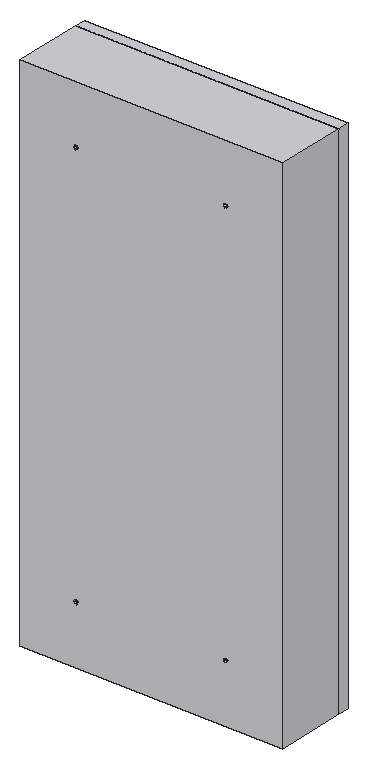
Revit family "AX9237_0011", category Appareils sanitaires, Revit 2016
Family settings
  Hôte = Mur
  Type d'élément = Normal
  Cote de connecteur circulaire = Utiliser le diamètre
  Numéro OmniClass = 23.75.00.00
  Titre OmniClass = Climate Control (HVAC)
  Toujours verticalement = Oui
  Couper avec des vides une fois chargée = Non
  Partagée = Non
  Point de calcul de pièce = Non
Parameters (values of type "Type 1")
  URL = "https://www.axeuro.com/fr/combines-2-en-1/25023-combine-distributeur-d-essuie-mains-et-poubelle-ax9237.html"
  Modèle = "AX9237"  # constant formula
  Matériaux = "En inox 304 (18/10) Bactériostatique"  # constant formula
  Finition = "Brossé Poli Satiné HyperPolish"  # constant formula
  Fabricant = "Axeuro"  # constant formula
  Description = "Combiné distributeur d'essuie-mains et poubelle"  # constant formula
Reference planes
  plane 1 "Mur": y = 0
  plane 2 "Centre (gauche/droite)": x = 0
  plane 3 "Arrière": y = 75
Forms (mm)
  Extrusion 1, solid
    sketch origin (-115.2, 170, 180.521) x (1, 0, 0) y (0, 0, 1)
      loop
        line (293.2, 1199.919) -> (-62.8, 1199.919) -> (-62.8, 488.919) -> (293.2, 488.919) -> (293.2, 1199.919)
    from -15 to 0
  Extrusion 2, solid
    sketch origin (-307.535, 170, -381.507) x (1, 0, 0) y (0, 0, 1)
      loop
        line (485.535, 1761.947) -> (129.535, 1761.947) -> (129.535, 1050.947) -> (485.535, 1050.947) -> (485.535, 1761.947)
    from 0 to 95
  Extrusion 3, void
    sketch origin (444.292, 170, -18.307) x (1, 0, 0) y (0, 0, 1)
      loop
        line (-326.704, 1198.307) -> (-561.881, 1198.307)
        arc (-561.881, 1198.307) -> (-567.122, 1196.136) -> (-569.292, 1190.896) r 7.411
        line (-569.292, 1190.896) -> (-569.292, 975.719)
        arc (-569.292, 975.719) -> (-567.122, 970.478) -> (-561.881, 968.307) r 7.411
        line (-561.881, 968.307) -> (-326.704, 968.307)
        arc (-326.704, 968.307) -> (-321.463, 970.478) -> (-319.292, 975.719) r 7.411
        line (-319.292, 975.719) -> (-319.292, 1190.896)
        arc (-319.292, 1190.896) -> (-321.463, 1196.136) -> (-326.704, 1198.307) r 7.411
    from -15 to 93
  Extrusion 4, void
    sketch origin (-221.536, 169, 0.01) x (1, 0, 0) y (0, 0, 1)
      loop
        circle (120, 1301.44) r 3
    from 91.788 to 94
  Extrusion 5, void
    sketch origin (-18.498, 169, 0.01) x (1, 0, 0) y (0, 0, 1)
      loop
        circle (120, 1301.44) r 3
    from 91.788 to 94
  Extrusion 6, void
    sketch origin (-221.536, 169, -552.141) x (1, 0, 0) y (0, 0, 1)
      loop
        circle (120, 1301.44) r 3
    from 91.788 to 94
  Extrusion 7, void
    sketch origin (-18.498, 169, -552.141) x (1, 0, 0) y (0, 0, 1)
      loop
        circle (120, 1301.44) r 3
    from 91.788 to 94
  Extrusion 8, solid
    sketch origin (-1.342, 75, -334.395) x (1, 0, 0) y (0, 0, 1)
      loop
        circle (125.604, 1575.159) r 8.25
    from -15 to -12.919
  Extrusion 9, void
    sketch origin (-4.26, 75, -291.426) x (1, 0, 0) y (0, 0, 1)
      loop
        line (129.522, 1537.139) -> (127.522, 1537.139) -> (127.522, 1527.239) -> (129.522, 1527.239) -> (129.522, 1537.139)
    from -15 to -12.919
  Extrusion 10, solid, not visible
    sketch origin (2.754, 75, -43.399) x (1, 0, 0) y (0, 0, 1)
      loop
        circle (125.604, 1575.159) r 8.25
    from -15 to -12.919
  Extrusion 11, void, not visible
    sketch origin (-0.165, 75, -0.43) x (1, 0, 0) y (0, 0, 1)
      loop
        line (129.522, 1537.139) -> (127.522, 1537.139) -> (127.522, 1527.239) -> (129.522, 1527.239) -> (129.522, 1537.139)
    from -15 to -12.919
  Extrusion 12, solid
    sketch origin (-1.342, 75, -765.88) x (1, 0, 0) y (0, 0, 1)
      loop
        circle (125.604, 1575.159) r 8.25
    from -15 to -12.919
  Extrusion 13, void
    sketch origin (-4.26, 75, -722.91) x (1, 0, 0) y (0, 0, 1)
      loop
        line (129.522, 1537.139) -> (127.522, 1537.139) -> (127.522, 1527.239) -> (129.522, 1527.239) -> (129.522, 1537.139)
    from -15 to -12.919
Cuts and joins
  Extrusion 3, Extrusion 4, Extrusion 5, Extrusion 13 cuts Extrusion 1
  Extrusion 3, Extrusion 4, Extrusion 5, Extrusion 6, Extrusion 7 cuts Extrusion 2
  Extrusion 9, Extrusion 13 cuts Extrusion 8
  Extrusion 13 cuts Extrusion 12
Lines and regions (mm)
  reference lines
    curve 1: line (101.502, 0, 1304.45) -> (101.502, 0, 1298.45)
    curve 2: line (98.502, 0, 1301.45) -> (104.502, 0, 1301.45)
    curve 3: line (-101.536, 0, 1304.45) -> (-101.536, 0, 1298.45)
    curve 4: line (98.502, 0, 749.299) -> (104.502, 0, 749.299)
Text (mm)
  text "Côté de la mise en place" at (-1820.995, 1116.779, 0), in view "Niveau de réf."
  text "Côté de la mise en place" at (0, 1334.055, 2976.191), in view "Gauche"
  text "Côté de la mise en place" at (0, 439.194, 2944.362), in view "Droite"
Dimensions and locks
  locked: plane 3 "Arrière" to host wall
  aligned and locked: plane 1 "Mur" to host wall
